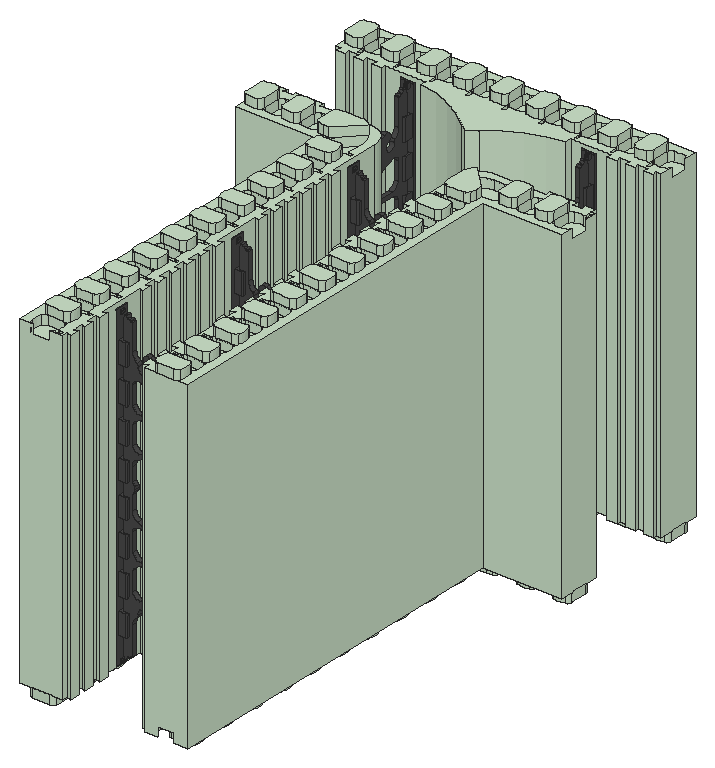
Revit family (continued)
Forms (in)
  Extrusion 47, void
    sketch origin (-1, 20, 0) x (-1, 0, 0) y (0, -1, 0)
      loop
        line (-3.64005, 25.7459) -> (-3.41845, 25.7459) -> (-3.41845, 25.91673) -> (-3.76455, 25.91673)
        arc (-3.76455, 25.91673) -> (-3.78736, 25.92104) -> (-3.80702, 25.93338) r 0.0625
        arc (-3.80702, 25.93338) -> (-3.88568, 25.98274) -> (-3.97692, 25.99998) r 0.25
        line (-3.97692, 25.99998) -> (-4.89808, 25.99998)
        arc (-4.89808, 25.99998) -> (-5.04517, 25.95213) -> (-5.13595, 25.8269) r 0.25
        arc (-5.13595, 25.8269) -> (-5.1875, 25.49998) -> (-5.13595, 25.17306) r 1.0625
    from 0 to 0.5
  Extrusion 48, void
    sketch origin (-0.99998, 2.00002, 0) x (0, -1, 0) y (1, 0, 0)
      loop
        arc (5.67323, 3.7017) -> (5.72385, 3.68769) -> (5.74592, 3.64003) r 0.0625
        line (5.74592, 3.64003) -> (5.74592, 3.41844) -> (5.91675, 3.41844) -> (5.91675, 3.76453)
        arc (5.91675, 3.76453) -> (5.92106, 3.78734) -> (5.9334, 3.807) r 0.0625
        arc (5.9334, 3.807) -> (5.98276, 3.88566) -> (6, 3.9769) r 0.25
        line (6, 3.9769) -> (6, 4.89806)
        arc (6, 4.89806) -> (5.95215, 5.04515) -> (5.82692, 5.13593) r 0.25
        arc (5.82692, 5.13593) -> (5.66548, 5.17452) -> (5.5, 5.18748) r 1.0625
        line (5.5, 5.18748) -> (5.1875, 5.18748) -> (3.98039, 3.98037)
        arc (3.98039, 3.98037) -> (4.30482, 3.7636) -> (4.6875, 3.68748) r 1
        line (4.6875, 3.68748) -> (5.5, 3.68748)
        arc (5.5, 3.68748) -> (5.58691, 3.69104) -> (5.67323, 3.7017) r 1.0625
    from 0 to 0.5
  Extrusion 49, void
    sketch origin (30.99998, 2.00002, 0) x (0, 1, 0) y (-1, 0, 0)
      loop
        arc (-5.13595, 25.17306) -> (-5.04517, 25.04783) -> (-4.89808, 24.99998) r 0.25
        line (-4.89808, 24.99998) -> (-3.97692, 24.99998)
        arc (-3.97692, 24.99998) -> (-3.82983, 25.04783) -> (-3.73905, 25.17306) r 0.25
        arc (-3.73905, 25.17306) -> (-3.69045, 25.4209) -> (-3.70172, 25.67321) r 1.0625
        arc (-3.70172, 25.67321) -> (-3.68771, 25.72383) -> (-3.64005, 25.7459) r 0.0625
        line (-3.64005, 25.7459) -> (-3.41845, 25.7459) -> (-3.41845, 25.91673) -> (-3.76455, 25.91673)
        arc (-3.76455, 25.91673) -> (-3.78736, 25.92104) -> (-3.80702, 25.93338) r 0.0625
        arc (-3.80702, 25.93338) -> (-3.88568, 25.98274) -> (-3.97692, 25.99998) r 0.25
        line (-3.97692, 25.99998) -> (-4.89808, 25.99998)
        arc (-4.89808, 25.99998) -> (-5.04517, 25.95213) -> (-5.13595, 25.8269) r 0.25
        arc (-5.13595, 25.8269) -> (-5.1875, 25.49998) -> (-5.13595, 25.17306) r 1.0625
    from 0 to 0.5
  Extrusion 50, void
    sketch origin (32.99998, 2.00002, 0) x (0, 1, 0) y (-1, 0, 0)
      loop
        arc (-5.13595, 25.17306) -> (-5.04517, 25.04783) -> (-4.89808, 24.99998) r 0.25
        line (-4.89808, 24.99998) -> (-3.97692, 24.99998)
        arc (-3.97692, 24.99998) -> (-3.82983, 25.04783) -> (-3.73905, 25.17306) r 0.25
        arc (-3.73905, 25.17306) -> (-3.69045, 25.4209) -> (-3.70172, 25.67321) r 1.0625
        arc (-3.70172, 25.67321) -> (-3.68771, 25.72383) -> (-3.64005, 25.7459) r 0.0625
        line (-3.64005, 25.7459) -> (-3.41845, 25.7459) -> (-3.41845, 25.91673) -> (-3.76455, 25.91673)
        arc (-3.76455, 25.91673) -> (-3.78736, 25.92104) -> (-3.80702, 25.93338) r 0.0625
        arc (-3.80702, 25.93338) -> (-3.88568, 25.98274) -> (-3.97692, 25.99998) r 0.25
        line (-3.97692, 25.99998) -> (-4.89808, 25.99998)
        arc (-4.89808, 25.99998) -> (-5.04517, 25.95213) -> (-5.13595, 25.8269) r 0.25
        arc (-5.13595, 25.8269) -> (-5.1875, 25.49998) -> (-5.13595, 25.17306) r 1.0625
    from 0 to 0.5
  Extrusion 51, void
    sketch origin (17.99998, -0.00002, 0) x (0, -1, 0) y (1, 0, 0)
      loop
        arc (-5.13595, -25.17306) -> (-5.1875, -25.49998) -> (-5.13595, -25.8269) r 1.0625
        arc (-5.13595, -25.8269) -> (-5.04517, -25.95213) -> (-4.89808, -25.99998) r 0.25
        line (-4.89808, -25.99998) -> (-3.97692, -25.99998)
        arc (-3.97692, -25.99998) -> (-3.88568, -25.98274) -> (-3.80702, -25.93338) r 0.25
        arc (-3.80702, -25.93338) -> (-3.78736, -25.92104) -> (-3.76455, -25.91673) r 0.0625
        line (-3.76455, -25.91673) -> (-3.41845, -25.91673) -> (-3.41845, -25.7459) -> (-3.64005, -25.7459)
        arc (-3.64005, -25.7459) -> (-3.68771, -25.72383) -> (-3.70172, -25.67321) r 0.0625
        arc (-3.70172, -25.67321) -> (-3.69045, -25.4209) -> (-3.73905, -25.17306) r 1.0625
        arc (-3.73905, -25.17306) -> (-3.82983, -25.04783) -> (-3.97692, -24.99998) r 0.25
        line (-3.97692, -24.99998) -> (-4.89808, -24.99998)
        arc (-4.89808, -24.99998) -> (-5.04517, -25.04783) -> (-5.13595, -25.17306) r 0.25
    from 18 to 17.5
  Extrusion 52, void
    sketch origin (19.99998, -0.00002, 0) x (0, -1, 0) y (1, 0, 0)
      loop
        arc (-5.13595, -25.17306) -> (-5.1875, -25.49998) -> (-5.13595, -25.8269) r 1.0625
        arc (-5.13595, -25.8269) -> (-5.04517, -25.95213) -> (-4.89808, -25.99998) r 0.25
        line (-4.89808, -25.99998) -> (-3.97692, -25.99998)
        arc (-3.97692, -25.99998) -> (-3.88568, -25.98274) -> (-3.80702, -25.93338) r 0.25
        arc (-3.80702, -25.93338) -> (-3.78736, -25.92104) -> (-3.76455, -25.91673) r 0.0625
        line (-3.76455, -25.91673) -> (-3.41845, -25.91673) -> (-3.41845, -25.7459) -> (-3.64005, -25.7459)
        arc (-3.64005, -25.7459) -> (-3.68771, -25.72383) -> (-3.70172, -25.67321) r 0.0625
        arc (-3.70172, -25.67321) -> (-3.69045, -25.4209) -> (-3.73905, -25.17306) r 1.0625
        arc (-3.73905, -25.17306) -> (-3.82983, -25.04783) -> (-3.97692, -24.99998) r 0.25
        line (-3.97692, -24.99998) -> (-4.89808, -24.99998)
        arc (-4.89808, -24.99998) -> (-5.04517, -25.04783) -> (-5.13595, -25.17306) r 0.25
    from 18 to 17.5
  Extrusion 53, void
    sketch origin (21.99998, -0.00002, 0) x (0, -1, 0) y (1, 0, 0)
      loop
        arc (-5.13595, -25.17306) -> (-5.1875, -25.49998) -> (-5.13595, -25.8269) r 1.0625
        arc (-5.13595, -25.8269) -> (-5.04517, -25.95213) -> (-4.89808, -25.99998) r 0.25
        line (-4.89808, -25.99998) -> (-3.97692, -25.99998)
        arc (-3.97692, -25.99998) -> (-3.88568, -25.98274) -> (-3.80702, -25.93338) r 0.25
        arc (-3.80702, -25.93338) -> (-3.78736, -25.92104) -> (-3.76455, -25.91673) r 0.0625
        line (-3.76455, -25.91673) -> (-3.41845, -25.91673) -> (-3.41845, -25.7459) -> (-3.64005, -25.7459)
        arc (-3.64005, -25.7459) -> (-3.68771, -25.72383) -> (-3.70172, -25.67321) r 0.0625
        arc (-3.70172, -25.67321) -> (-3.69045, -25.4209) -> (-3.73905, -25.17306) r 1.0625
        arc (-3.73905, -25.17306) -> (-3.82983, -25.04783) -> (-3.97692, -24.99998) r 0.25
        line (-3.97692, -24.99998) -> (-4.89808, -24.99998)
        arc (-4.89808, -24.99998) -> (-5.04517, -25.04783) -> (-5.13595, -25.17306) r 0.25
    from 18 to 17.5
  Extrusion 54, void
    sketch origin (23.99998, -0.00002, 0) x (0, -1, 0) y (1, 0, 0)
      loop
        arc (-5.13595, -25.17306) -> (-5.1875, -25.49998) -> (-5.13595, -25.8269) r 1.0625
        arc (-5.13595, -25.8269) -> (-5.04517, -25.95213) -> (-4.89808, -25.99998) r 0.25
        line (-4.89808, -25.99998) -> (-3.97692, -25.99998)
        arc (-3.97692, -25.99998) -> (-3.88568, -25.98274) -> (-3.80702, -25.93338) r 0.25
        arc (-3.80702, -25.93338) -> (-3.78736, -25.92104) -> (-3.76455, -25.91673) r 0.0625
        line (-3.76455, -25.91673) -> (-3.41845, -25.91673) -> (-3.41845, -25.7459) -> (-3.64005, -25.7459)
        arc (-3.64005, -25.7459) -> (-3.68771, -25.72383) -> (-3.70172, -25.67321) r 0.0625
        arc (-3.70172, -25.67321) -> (-3.69045, -25.4209) -> (-3.73905, -25.17306) r 1.0625
        arc (-3.73905, -25.17306) -> (-3.82983, -25.04783) -> (-3.97692, -24.99998) r 0.25
        line (-3.97692, -24.99998) -> (-4.89808, -24.99998)
        arc (-4.89808, -24.99998) -> (-5.04517, -25.04783) -> (-5.13595, -25.17306) r 0.25
    from 18 to 17.5
  Extrusion 55, void
    sketch origin (25.99998, -0.00002, 0) x (0, -1, 0) y (1, 0, 0)
      loop
        arc (-5.13595, -25.17306) -> (-5.1875, -25.49998) -> (-5.13595, -25.8269) r 1.0625
        arc (-5.13595, -25.8269) -> (-5.04517, -25.95213) -> (-4.89808, -25.99998) r 0.25
        line (-4.89808, -25.99998) -> (-3.97692, -25.99998)
        arc (-3.97692, -25.99998) -> (-3.88568, -25.98274) -> (-3.80702, -25.93338) r 0.25
        arc (-3.80702, -25.93338) -> (-3.78736, -25.92104) -> (-3.76455, -25.91673) r 0.0625
        line (-3.76455, -25.91673) -> (-3.41845, -25.91673) -> (-3.41845, -25.7459) -> (-3.64005, -25.7459)
        arc (-3.64005, -25.7459) -> (-3.68771, -25.72383) -> (-3.70172, -25.67321) r 0.0625
        arc (-3.70172, -25.67321) -> (-3.69045, -25.4209) -> (-3.73905, -25.17306) r 1.0625
        arc (-3.73905, -25.17306) -> (-3.82983, -25.04783) -> (-3.97692, -24.99998) r 0.25
        line (-3.97692, -24.99998) -> (-4.89808, -24.99998)
        arc (-4.89808, -24.99998) -> (-5.04517, -25.04783) -> (-5.13595, -25.17306) r 0.25
    from 18 to 17.5
  Extrusion 56, void
    sketch origin (27.99998, -0.00002, 0) x (0, -1, 0) y (1, 0, 0)
      loop
        arc (-5.13595, -25.17306) -> (-5.1875, -25.49998) -> (-5.13595, -25.8269) r 1.0625
        arc (-5.13595, -25.8269) -> (-5.04517, -25.95213) -> (-4.89808, -25.99998) r 0.25
        line (-4.89808, -25.99998) -> (-3.97692, -25.99998)
        arc (-3.97692, -25.99998) -> (-3.88568, -25.98274) -> (-3.80702, -25.93338) r 0.25
        arc (-3.80702, -25.93338) -> (-3.78736, -25.92104) -> (-3.76455, -25.91673) r 0.0625
        line (-3.76455, -25.91673) -> (-3.41845, -25.91673) -> (-3.41845, -25.7459) -> (-3.64005, -25.7459)
        arc (-3.64005, -25.7459) -> (-3.68771, -25.72383) -> (-3.70172, -25.67321) r 0.0625
        arc (-3.70172, -25.67321) -> (-3.69045, -25.4209) -> (-3.73905, -25.17306) r 1.0625
        arc (-3.73905, -25.17306) -> (-3.82983, -25.04783) -> (-3.97692, -24.99998) r 0.25
        line (-3.97692, -24.99998) -> (-4.89808, -24.99998)
        arc (-4.89808, -24.99998) -> (-5.04517, -25.04783) -> (-5.13595, -25.17306) r 0.25
    from 18 to 17.5
  Extrusion 57, void
    sketch origin (29.99998, -0.00002, 0) x (0, -1, 0) y (1, 0, 0)
      loop
        arc (-5.13595, -25.17306) -> (-5.1875, -25.49998) -> (-5.13595, -25.8269) r 1.0625
        arc (-5.13595, -25.8269) -> (-5.04517, -25.95213) -> (-4.89808, -25.99998) r 0.25
        line (-4.89808, -25.99998) -> (-3.97692, -25.99998)
        arc (-3.97692, -25.99998) -> (-3.88568, -25.98274) -> (-3.80702, -25.93338) r 0.25
        arc (-3.80702, -25.93338) -> (-3.78736, -25.92104) -> (-3.76455, -25.91673) r 0.0625
        line (-3.76455, -25.91673) -> (-3.41845, -25.91673) -> (-3.41845, -25.7459) -> (-3.64005, -25.7459)
        arc (-3.64005, -25.7459) -> (-3.68771, -25.72383) -> (-3.70172, -25.67321) r 0.0625
        arc (-3.70172, -25.67321) -> (-3.69045, -25.4209) -> (-3.73905, -25.17306) r 1.0625
        arc (-3.73905, -25.17306) -> (-3.82983, -25.04783) -> (-3.97692, -24.99998) r 0.25
        line (-3.97692, -24.99998) -> (-4.89808, -24.99998)
        arc (-4.89808, -24.99998) -> (-5.04517, -25.04783) -> (-5.13595, -25.17306) r 0.25
    from 18 to 17.5
  Extrusion 58, void
    sketch origin (31.99998, -0.00002, 0) x (0, -1, 0) y (1, 0, 0)
      loop
        arc (-5.13595, -25.17306) -> (-5.1875, -25.49998) -> (-5.13595, -25.8269) r 1.0625
        arc (-5.13595, -25.8269) -> (-5.04517, -25.95213) -> (-4.89808, -25.99998) r 0.25
        line (-4.89808, -25.99998) -> (-3.97692, -25.99998)
        arc (-3.97692, -25.99998) -> (-3.88568, -25.98274) -> (-3.80702, -25.93338) r 0.25
        arc (-3.80702, -25.93338) -> (-3.78736, -25.92104) -> (-3.76455, -25.91673) r 0.0625
        line (-3.76455, -25.91673) -> (-3.41845, -25.91673) -> (-3.41845, -25.7459) -> (-3.64005, -25.7459)
        arc (-3.64005, -25.7459) -> (-3.68771, -25.72383) -> (-3.70172, -25.67321) r 0.0625
        arc (-3.70172, -25.67321) -> (-3.69045, -25.4209) -> (-3.73905, -25.17306) r 1.0625
        arc (-3.73905, -25.17306) -> (-3.82983, -25.04783) -> (-3.97692, -24.99998) r 0.25
        line (-3.97692, -24.99998) -> (-4.89808, -24.99998)
        arc (-4.89808, -24.99998) -> (-5.04517, -25.04783) -> (-5.13595, -25.17306) r 0.25
    from 18 to 17.5
  Extrusion 59, void
    sketch origin (33.99998, -0.00002, 0) x (0, -1, 0) y (1, 0, 0)
      loop
        arc (-5.13595, -25.17306) -> (-5.1875, -25.49998) -> (-5.13595, -25.8269) r 1.0625
        arc (-5.13595, -25.8269) -> (-5.04517, -25.95213) -> (-4.89808, -25.99998) r 0.25
        line (-4.89808, -25.99998) -> (-3.97692, -25.99998)
        arc (-3.97692, -25.99998) -> (-3.88568, -25.98274) -> (-3.80702, -25.93338) r 0.25
        arc (-3.80702, -25.93338) -> (-3.78736, -25.92104) -> (-3.76455, -25.91673) r 0.0625
        line (-3.76455, -25.91673) -> (-3.41845, -25.91673) -> (-3.41845, -25.7459) -> (-3.64005, -25.7459)
        arc (-3.64005, -25.7459) -> (-3.68771, -25.72383) -> (-3.70172, -25.67321) r 0.0625
        arc (-3.70172, -25.67321) -> (-3.69045, -25.4209) -> (-3.73905, -25.17306) r 1.0625
        arc (-3.73905, -25.17306) -> (-3.82983, -25.04783) -> (-3.97692, -24.99998) r 0.25
        line (-3.97692, -24.99998) -> (-4.89808, -24.99998)
        arc (-4.89808, -24.99998) -> (-5.04517, -25.04783) -> (-5.13595, -25.17306) r 0.25
    from 18 to 17.5
  Extrusion 60, void
    sketch origin (-33.99998, -0.00002, 0) x (0, -1, 0) y (1, 0, 0)
      loop
        arc (-5.13595, 25.17306) -> (-5.04517, 25.04783) -> (-4.89808, 24.99998) r 0.25
        line (-4.89808, 24.99998) -> (-3.97692, 24.99998)
        arc (-3.97692, 24.99998) -> (-3.82983, 25.04783) -> (-3.73905, 25.17306) r 0.25
        arc (-3.73905, 25.17306) -> (-3.69045, 25.4209) -> (-3.70172, 25.67321) r 1.0625
        arc (-3.70172, 25.67321) -> (-3.68771, 25.72383) -> (-3.64005, 25.7459) r 0.0625
        line (-3.64005, 25.7459) -> (-3.41845, 25.7459) -> (-3.41845, 25.91673) -> (-3.76455, 25.91673)
        arc (-3.76455, 25.91673) -> (-3.78736, 25.92104) -> (-3.80702, 25.93338) r 0.0625
        arc (-3.80702, 25.93338) -> (-3.88568, 25.98274) -> (-3.97692, 25.99998) r 0.25
        line (-3.97692, 25.99998) -> (-4.89808, 25.99998)
        arc (-4.89808, 25.99998) -> (-5.04517, 25.95213) -> (-5.13595, 25.8269) r 0.25
        arc (-5.13595, 25.8269) -> (-5.1875, 25.49998) -> (-5.13595, 25.17306) r 1.0625
    from 0 to 0.5
  Extrusion 61, void
    sketch origin (-31.99998, -0.00002, 0) x (0, -1, 0) y (1, 0, 0)
      loop
        arc (-5.13595, 25.17306) -> (-5.04517, 25.04783) -> (-4.89808, 24.99998) r 0.25
        line (-4.89808, 24.99998) -> (-3.97692, 24.99998)
        arc (-3.97692, 24.99998) -> (-3.82983, 25.04783) -> (-3.73905, 25.17306) r 0.25
        arc (-3.73905, 25.17306) -> (-3.69045, 25.4209) -> (-3.70172, 25.67321) r 1.0625
        arc (-3.70172, 25.67321) -> (-3.68771, 25.72383) -> (-3.64005, 25.7459) r 0.0625
        line (-3.64005, 25.7459) -> (-3.41845, 25.7459) -> (-3.41845, 25.91673) -> (-3.76455, 25.91673)
        arc (-3.76455, 25.91673) -> (-3.78736, 25.92104) -> (-3.80702, 25.93338) r 0.0625
        arc (-3.80702, 25.93338) -> (-3.88568, 25.98274) -> (-3.97692, 25.99998) r 0.25
        line (-3.97692, 25.99998) -> (-4.89808, 25.99998)
        arc (-4.89808, 25.99998) -> (-5.04517, 25.95213) -> (-5.13595, 25.8269) r 0.25
        arc (-5.13595, 25.8269) -> (-5.1875, 25.49998) -> (-5.13595, 25.17306) r 1.0625
    from 0 to 0.5
  Extrusion 62, void
    sketch origin (-29.99998, -0.00002, 0) x (0, -1, 0) y (1, 0, 0)
      loop
        arc (-5.13595, 25.17306) -> (-5.04517, 25.04783) -> (-4.89808, 24.99998) r 0.25
        line (-4.89808, 24.99998) -> (-3.97692, 24.99998)
        arc (-3.97692, 24.99998) -> (-3.82983, 25.04783) -> (-3.73905, 25.17306) r 0.25
        arc (-3.73905, 25.17306) -> (-3.69045, 25.4209) -> (-3.70172, 25.67321) r 1.0625
        arc (-3.70172, 25.67321) -> (-3.68771, 25.72383) -> (-3.64005, 25.7459) r 0.0625
        line (-3.64005, 25.7459) -> (-3.41845, 25.7459) -> (-3.41845, 25.91673) -> (-3.76455, 25.91673)
        arc (-3.76455, 25.91673) -> (-3.78736, 25.92104) -> (-3.80702, 25.93338) r 0.0625
        arc (-3.80702, 25.93338) -> (-3.88568, 25.98274) -> (-3.97692, 25.99998) r 0.25
        line (-3.97692, 25.99998) -> (-4.89808, 25.99998)
        arc (-4.89808, 25.99998) -> (-5.04517, 25.95213) -> (-5.13595, 25.8269) r 0.25
        arc (-5.13595, 25.8269) -> (-5.1875, 25.49998) -> (-5.13595, 25.17306) r 1.0625
    from 0 to 0.5
  Extrusion 63, void
    sketch origin (-27.99998, -0.00002, 0) x (0, -1, 0) y (1, 0, 0)
      loop
        arc (-5.13595, 25.17306) -> (-5.04517, 25.04783) -> (-4.89808, 24.99998) r 0.25
        line (-4.89808, 24.99998) -> (-3.97692, 24.99998)
        arc (-3.97692, 24.99998) -> (-3.82983, 25.04783) -> (-3.73905, 25.17306) r 0.25
        arc (-3.73905, 25.17306) -> (-3.69045, 25.4209) -> (-3.70172, 25.67321) r 1.0625
        arc (-3.70172, 25.67321) -> (-3.68771, 25.72383) -> (-3.64005, 25.7459) r 0.0625
        line (-3.64005, 25.7459) -> (-3.41845, 25.7459) -> (-3.41845, 25.91673) -> (-3.76455, 25.91673)
        arc (-3.76455, 25.91673) -> (-3.78736, 25.92104) -> (-3.80702, 25.93338) r 0.0625
        arc (-3.80702, 25.93338) -> (-3.88568, 25.98274) -> (-3.97692, 25.99998) r 0.25
        line (-3.97692, 25.99998) -> (-4.89808, 25.99998)
        arc (-4.89808, 25.99998) -> (-5.04517, 25.95213) -> (-5.13595, 25.8269) r 0.25
        arc (-5.13595, 25.8269) -> (-5.1875, 25.49998) -> (-5.13595, 25.17306) r 1.0625
    from 0 to 0.5
  Extrusion 64, void
    sketch origin (-25.99998, -0.00002, 0) x (0, -1, 0) y (1, 0, 0)
      loop
        arc (-5.13595, 25.17306) -> (-5.04517, 25.04783) -> (-4.89808, 24.99998) r 0.25
        line (-4.89808, 24.99998) -> (-3.97692, 24.99998)
        arc (-3.97692, 24.99998) -> (-3.82983, 25.04783) -> (-3.73905, 25.17306) r 0.25
        arc (-3.73905, 25.17306) -> (-3.69045, 25.4209) -> (-3.70172, 25.67321) r 1.0625
        arc (-3.70172, 25.67321) -> (-3.68771, 25.72383) -> (-3.64005, 25.7459) r 0.0625
        line (-3.64005, 25.7459) -> (-3.41845, 25.7459) -> (-3.41845, 25.91673) -> (-3.76455, 25.91673)
        arc (-3.76455, 25.91673) -> (-3.78736, 25.92104) -> (-3.80702, 25.93338) r 0.0625
        arc (-3.80702, 25.93338) -> (-3.88568, 25.98274) -> (-3.97692, 25.99998) r 0.25
        line (-3.97692, 25.99998) -> (-4.89808, 25.99998)
        arc (-4.89808, 25.99998) -> (-5.04517, 25.95213) -> (-5.13595, 25.8269) r 0.25
        arc (-5.13595, 25.8269) -> (-5.1875, 25.49998) -> (-5.13595, 25.17306) r 1.0625
    from 0 to 0.5
  Extrusion 65, void
    sketch origin (-23.99998, -0.00002, 0) x (0, -1, 0) y (1, 0, 0)
      loop
        arc (-5.13595, 25.17306) -> (-5.04517, 25.04783) -> (-4.89808, 24.99998) r 0.25
        line (-4.89808, 24.99998) -> (-3.97692, 24.99998)
        arc (-3.97692, 24.99998) -> (-3.82983, 25.04783) -> (-3.73905, 25.17306) r 0.25
        arc (-3.73905, 25.17306) -> (-3.69045, 25.4209) -> (-3.70172, 25.67321) r 1.0625
        arc (-3.70172, 25.67321) -> (-3.68771, 25.72383) -> (-3.64005, 25.7459) r 0.0625
        line (-3.64005, 25.7459) -> (-3.41845, 25.7459) -> (-3.41845, 25.91673) -> (-3.76455, 25.91673)
        arc (-3.76455, 25.91673) -> (-3.78736, 25.92104) -> (-3.80702, 25.93338) r 0.0625
        arc (-3.80702, 25.93338) -> (-3.88568, 25.98274) -> (-3.97692, 25.99998) r 0.25
        line (-3.97692, 25.99998) -> (-4.89808, 25.99998)
        arc (-4.89808, 25.99998) -> (-5.04517, 25.95213) -> (-5.13595, 25.8269) r 0.25
        arc (-5.13595, 25.8269) -> (-5.1875, 25.49998) -> (-5.13595, 25.17306) r 1.0625
    from 0 to 0.5
  Extrusion 66, void
    sketch origin (-21.99998, -0.00002, 0) x (0, -1, 0) y (1, 0, 0)
      loop
        arc (-5.13595, 25.17306) -> (-5.04517, 25.04783) -> (-4.89808, 24.99998) r 0.25
        line (-4.89808, 24.99998) -> (-3.97692, 24.99998)
        arc (-3.97692, 24.99998) -> (-3.82983, 25.04783) -> (-3.73905, 25.17306) r 0.25
        arc (-3.73905, 25.17306) -> (-3.69045, 25.4209) -> (-3.70172, 25.67321) r 1.0625
        arc (-3.70172, 25.67321) -> (-3.68771, 25.72383) -> (-3.64005, 25.7459) r 0.0625
        line (-3.64005, 25.7459) -> (-3.41845, 25.7459) -> (-3.41845, 25.91673) -> (-3.76455, 25.91673)
        arc (-3.76455, 25.91673) -> (-3.78736, 25.92104) -> (-3.80702, 25.93338) r 0.0625
        arc (-3.80702, 25.93338) -> (-3.88568, 25.98274) -> (-3.97692, 25.99998) r 0.25
        line (-3.97692, 25.99998) -> (-4.89808, 25.99998)
        arc (-4.89808, 25.99998) -> (-5.04517, 25.95213) -> (-5.13595, 25.8269) r 0.25
        arc (-5.13595, 25.8269) -> (-5.1875, 25.49998) -> (-5.13595, 25.17306) r 1.0625
    from 0 to 0.5
  Extrusion 67, void
    sketch origin (-19.99998, -0.00002, 0) x (0, -1, 0) y (1, 0, 0)
      loop
        arc (-5.13595, 25.17306) -> (-5.04517, 25.04783) -> (-4.89808, 24.99998) r 0.25
        line (-4.89808, 24.99998) -> (-3.97692, 24.99998)
        arc (-3.97692, 24.99998) -> (-3.82983, 25.04783) -> (-3.73905, 25.17306) r 0.25
        arc (-3.73905, 25.17306) -> (-3.69045, 25.4209) -> (-3.70172, 25.67321) r 1.0625
        arc (-3.70172, 25.67321) -> (-3.68771, 25.72383) -> (-3.64005, 25.7459) r 0.0625
        line (-3.64005, 25.7459) -> (-3.41845, 25.7459) -> (-3.41845, 25.91673) -> (-3.76455, 25.91673)
        arc (-3.76455, 25.91673) -> (-3.78736, 25.92104) -> (-3.80702, 25.93338) r 0.0625
        arc (-3.80702, 25.93338) -> (-3.88568, 25.98274) -> (-3.97692, 25.99998) r 0.25
        line (-3.97692, 25.99998) -> (-4.89808, 25.99998)
        arc (-4.89808, 25.99998) -> (-5.04517, 25.95213) -> (-5.13595, 25.8269) r 0.25
        arc (-5.13595, 25.8269) -> (-5.1875, 25.49998) -> (-5.13595, 25.17306) r 1.0625
    from 0 to 0.5
  Extrusion 68, void
    sketch origin (-17.99998, -0.00002, 0) x (0, -1, 0) y (1, 0, 0)
      loop
        arc (-5.13595, 25.17306) -> (-5.04517, 25.04783) -> (-4.89808, 24.99998) r 0.25
        line (-4.89808, 24.99998) -> (-3.97692, 24.99998)
        arc (-3.97692, 24.99998) -> (-3.82983, 25.04783) -> (-3.73905, 25.17306) r 0.25
        arc (-3.73905, 25.17306) -> (-3.69045, 25.4209) -> (-3.70172, 25.67321) r 1.0625
        arc (-3.70172, 25.67321) -> (-3.68771, 25.72383) -> (-3.64005, 25.7459) r 0.0625
        line (-3.64005, 25.7459) -> (-3.41845, 25.7459) -> (-3.41845, 25.91673) -> (-3.76455, 25.91673)
        arc (-3.76455, 25.91673) -> (-3.78736, 25.92104) -> (-3.80702, 25.93338) r 0.0625
        arc (-3.80702, 25.93338) -> (-3.88568, 25.98274) -> (-3.97692, 25.99998) r 0.25
        line (-3.97692, 25.99998) -> (-4.89808, 25.99998)
        arc (-4.89808, 25.99998) -> (-5.04517, 25.95213) -> (-5.13595, 25.8269) r 0.25
        arc (-5.13595, 25.8269) -> (-5.1875, 25.49998) -> (-5.13595, 25.17306) r 1.0625
    from 0 to 0.5
  Extrusion 69, solid, material "NUDURA Expanded Polystyrene Foam Insulation"
    sketch origin (-1, 2, 0) x (1, 0, 0) y (0, 1, 0)
      loop
        arc (3.98039, -3.98037) -> (3.76362, -4.3048) -> (3.6875, -4.68748) r 1
        line (3.6875, -4.68748) -> (3.6875, -5.49998)
        arc (3.6875, -5.49998) -> (3.70047, -5.66546) -> (3.73905, -5.8269) r 1.0625
        arc (3.73905, -5.8269) -> (3.82983, -5.95213) -> (3.97692, -5.99998) r 0.25
        line (3.97692, -5.99998) -> (4.89808, -5.99998)
        arc (4.89808, -5.99998) -> (5.04517, -5.95213) -> (5.13595, -5.8269) r 0.25
        arc (5.13595, -5.8269) -> (5.17453, -5.66546) -> (5.1875, -5.49998) r 1.0625
        line (5.1875, -5.49998) -> (5.1875, -5.18748) -> (3.98039, -3.98037)
    from 18 to 18.5
  Extrusion 70, solid, material "NUDURA Expanded Polystyrene Foam Insulation"
    sketch origin (1, 2, 0) x (1, 0, 0) y (0, 1, 0)
      loop
        line (-4.6875, -3.68748) -> (-5.5, -3.68748)
        arc (-5.5, -3.68748) -> (-5.66548, -3.70045) -> (-5.82692, -3.73903) r 1.0625
        arc (-5.82692, -3.73903) -> (-5.95215, -3.82981) -> (-6, -3.9769) r 0.25
        line (-6, -3.9769) -> (-6, -4.89806)
        arc (-6, -4.89806) -> (-5.95215, -5.04515) -> (-5.82692, -5.13593) r 0.25
        arc (-5.82692, -5.13593) -> (-5.66548, -5.17452) -> (-5.5, -5.18748) r 1.0625
        line (-5.5, -5.18748) -> (-5.1875, -5.18748) -> (-3.98039, -3.98037)
        arc (-3.98039, -3.98037) -> (-4.30482, -3.7636) -> (-4.6875, -3.68748) r 1
    from 18 to 18.5
  Extrusion 71, solid, material "NUDURA Expanded Polystyrene Foam Insulation"
    sketch origin (1, 2, 0) x (1, 0, 0) y (0, 1, 0)
      loop
        line (-5.1875, -5.18748) -> (-5.1875, -5.49998)
        arc (-5.1875, -5.49998) -> (-5.17453, -5.66546) -> (-5.13595, -5.8269) r 1.0625
        arc (-5.13595, -5.8269) -> (-5.04517, -5.95213) -> (-4.89808, -5.99998) r 0.25
        line (-4.89808, -5.99998) -> (-3.97692, -5.99998)
        arc (-3.97692, -5.99998) -> (-3.82983, -5.95213) -> (-3.73905, -5.8269) r 0.25
        arc (-3.73905, -5.8269) -> (-3.70047, -5.66546) -> (-3.6875, -5.49998) r 1.0625
        line (-3.6875, -5.49998) -> (-3.6875, -4.68748)
        arc (-3.6875, -4.68748) -> (-3.76362, -4.3048) -> (-3.98039, -3.98037) r 1
        line (-3.98039, -3.98037) -> (-5.1875, -5.18748)
    from 0 to -0.5
  Extrusion 72, solid, material "NUDURA Expanded Polystyrene Foam Insulation"
    sketch origin (-1, 2, 0) x (1, 0, 0) y (0, 1, 0)
      loop
        arc (6, -3.9769) -> (5.95215, -3.82981) -> (5.82692, -3.73903) r 0.25
        arc (5.82692, -3.73903) -> (5.66548, -3.70045) -> (5.5, -3.68748) r 1.0625
        line (5.5, -3.68748) -> (4.6875, -3.68748)
        arc (4.6875, -3.68748) -> (4.30482, -3.7636) -> (3.98039, -3.98037) r 1
        line (3.98039, -3.98037) -> (5.1875, -5.18748) -> (5.5, -5.18748)
        arc (5.5, -5.18748) -> (5.66548, -5.17452) -> (5.82692, -5.13593) r 1.0625
        arc (5.82692, -5.13593) -> (5.95215, -5.04515) -> (6, -4.89806) r 0.25
        line (6, -4.89806) -> (6, -3.9769)
    from 0 to -0.5
  Extrusion 73, void
    sketch origin (-16.99998, 2.00002, 0) x (0, 1, 0) y (-1, 0, 0)
      loop
        arc (-5.13595, -25.17306) -> (-5.1875, -25.49998) -> (-5.13595, -25.8269) r 1.0625
        arc (-5.13595, -25.8269) -> (-5.04517, -25.95213) -> (-4.89808, -25.99998) r 0.25
        line (-4.89808, -25.99998) -> (-3.97692, -25.99998)
        arc (-3.97692, -25.99998) -> (-3.88568, -25.98274) -> (-3.80702, -25.93338) r 0.25
        arc (-3.80702, -25.93338) -> (-3.78736, -25.92104) -> (-3.76455, -25.91673) r 0.0625
        line (-3.76455, -25.91673) -> (-3.41845, -25.91673) -> (-3.41845, -25.7459) -> (-3.64005, -25.7459)
        arc (-3.64005, -25.7459) -> (-3.68771, -25.72383) -> (-3.70172, -25.67321) r 0.0625
        arc (-3.70172, -25.67321) -> (-3.69045, -25.4209) -> (-3.73905, -25.17306) r 1.0625
        arc (-3.73905, -25.17306) -> (-3.82983, -25.04783) -> (-3.97692, -24.99998) r 0.25
        line (-3.97692, -24.99998) -> (-4.89808, -24.99998)
        arc (-4.89808, -24.99998) -> (-5.04517, -25.04783) -> (-5.13595, -25.17306) r 0.25
    from 18 to 17.5
  Extrusion 74, void
    sketch origin (1, 2, 0) x (1, 0, 0) y (0, 1, 0)
      loop
        arc (-5.13595, -25.17308) -> (-5.1875, -25.5) -> (-5.13595, -25.82692) r 1.0625
        arc (-5.13595, -25.82692) -> (-5.04517, -25.95215) -> (-4.89808, -26) r 0.25
        line (-4.89808, -26) -> (-3.97692, -26)
        arc (-3.97692, -26) -> (-3.88568, -25.98276) -> (-3.80702, -25.9334) r 0.25
        arc (-3.80702, -25.9334) -> (-3.78736, -25.92106) -> (-3.76455, -25.91675) r 0.0625
        line (-3.76455, -25.91675) -> (-3.41845, -25.91675) -> (-3.41845, -25.74592) -> (-3.64005, -25.74592)
        arc (-3.64005, -25.74592) -> (-3.68771, -25.72385) -> (-3.70172, -25.67323) r 0.0625
        arc (-3.70172, -25.67323) -> (-3.69045, -25.42092) -> (-3.73905, -25.17308) r 1.0625
        arc (-3.73905, -25.17308) -> (-3.82983, -25.04785) -> (-3.97692, -25) r 0.25
        line (-3.97692, -25) -> (-4.89808, -25)
        arc (-4.89808, -25) -> (-5.04517, -25.04785) -> (-5.13595, -25.17308) r 0.25
    from 18 to 17.5
  Extrusion 75, void
    sketch origin (-1, 2, 0) x (-1, 0, 0) y (0, -1, 0)
      loop
        arc (-5.13595, 25.17308) -> (-5.04517, 25.04785) -> (-4.89808, 25) r 0.25
        line (-4.89808, 25) -> (-3.97692, 25)
        arc (-3.97692, 25) -> (-3.82983, 25.04785) -> (-3.73905, 25.17308) r 0.25
        arc (-3.73905, 25.17308) -> (-3.69045, 25.42092) -> (-3.70172, 25.67323) r 1.0625
        arc (-3.70172, 25.67323) -> (-3.68771, 25.72385) -> (-3.64005, 25.74592) r 0.0625
        line (-3.64005, 25.74592) -> (-3.41845, 25.74592) -> (-3.41845, 25.91675) -> (-3.76455, 25.91675)
        arc (-3.76455, 25.91675) -> (-3.78736, 25.92106) -> (-3.80702, 25.9334) r 0.0625
        arc (-3.80702, 25.9334) -> (-3.88568, 25.98276) -> (-3.97692, 26) r 0.25
        line (-3.97692, 26) -> (-4.89808, 26)
        arc (-4.89808, 26) -> (-5.04517, 25.95215) -> (-5.13595, 25.82692) r 0.25
        arc (-5.13595, 25.82692) -> (-5.1875, 25.5) -> (-5.13595, 25.17308) r 1.0625
    from 0 to 0.5
Cuts and joins
  Extrusion 2, Extrusion 3, Extrusion 4, Extrusion 5, Extrusion 6, Extrusion 7, Extrusion 8, Extrusion 9, Extrusion 10, Extrusion 11, Extrusion 12, Extrusion 13, Extrusion 14, Extrusion 15, Extrusion 16, Extrusion 17, Extrusion 18, Extrusion 19, Extrusion 20, Extrusion 21, Extrusion 22, Extrusion 23, Extrusion 24, Extrusion 25, Extrusion 26, Extrusion 27, Extrusion 28, Extrusion 29, Extrusion 30, Extrusion 31, Extrusion 32, Extrusion 33, Extrusion 34, Extrusion 35, Extrusion 36, Extrusion 37, Extrusion 38, Extrusion 39, Extrusion 40, Extrusion 41, Extrusion 42, Extrusion 43, Extrusion 44, Extrusion 45, Extrusion 46, Extrusion 47, Extrusion 48, Extrusion 49, Extrusion 50, Extrusion 51, Extrusion 52, Extrusion 53, Extrusion 54, Extrusion 55, Extrusion 56, Extrusion 57, Extrusion 58, Extrusion 59, Extrusion 60, Extrusion 61, Extrusion 62, Extrusion 63, Extrusion 64, Extrusion 65, Extrusion 66, Extrusion 67, Extrusion 68, Extrusion 73, Extrusion 74, Extrusion 75 cuts Extrusion 1
Lines and regions (in)
  model lines
    curve 1: line (-1, 5.62502, 18) -> (-1, 5.62502, 0)
    curve 2: line (-4.625, -15.99998, 0) -> (-4.625, -15.99998, 18)
Dimensions and locks (in)
  locked: plane 8 to level at 18  (x2)
  plane 5 to plane 4 = 0' - 4"
  plane 7 to plane 6 = 0' - 4"
  aligned and locked: plane 8 to Extrusion 1
  aligned and locked: Extrusion 1 to level
  aligned and locked: Extrusion 1 to plane 8
  aligned and locked: plane 2 to level
  aligned: cut or joined group 1 (Extrusion 1, Extrusion 2, Extrusion 3, Extrusion 4, Extrusion 5, Extrusion 6, Extrusion 7, Extrusion 8, Extrusion 9, Extrusion 10, Extrusion 11, Extrusion 12, Extrusion 13, Extrusion 14, Extrusion 15, Extrusion 16, Extrusion 17, Extrusion 18, Extrusion 19, Extrusion 20, Extrusion 21, Extrusion 22, Extrusion 23, Extrusion 24, Extrusion 25, Extrusion 26, Extrusion 27, Extrusion 28, Extrusion 29, Extrusion 30, Extrusion 31, Extrusion 32, Extrusion 33, Extrusion 34, Extrusion 35, Extrusion 36, Extrusion 37, Extrusion 38, Extrusion 39, Extrusion 40, Extrusion 41, Extrusion 42, Extrusion 43, Extrusion 44, Extrusion 45, Extrusion 46, Extrusion 47, Extrusion 48, Extrusion 49, Extrusion 50, Extrusion 51, Extrusion 52, Extrusion 53, Extrusion 54, Extrusion 55, Extrusion 56, Extrusion 57, Extrusion 58, Extrusion 59, Extrusion 60, Extrusion 61, Extrusion 62, Extrusion 63, Extrusion 64, Extrusion 65, Extrusion 66, Extrusion 67, Extrusion 68, Extrusion 73, Extrusion 74, Extrusion 75) to nested 70
  aligned: nested 69 to cut or joined group 1  (x2)
  aligned: cut or joined group 1 to nested 67
  aligned: cut or joined group 1 to nested 71
  aligned: nested 73 to cut or joined group 1
  aligned: cut or joined group 1 to nested 74
  aligned: nested 75 to cut or joined group 1
  aligned: cut or joined group 1 to nested 76
  aligned and locked: nested 70 to nested 67
  aligned and locked: nested 71 to nested 70
  aligned and locked: nested 79 to cut or joined group 1
  aligned and locked: nested 77 to cut or joined group 1
  aligned and locked: cut or joined group 1 to nested 78
Nested families (in)
  nested 1: "Interlock Tooth" at (-1, -23.99998, 0) x (0, 1, 0) z (0, 0, 1), type "Interlock Tooth"
  nested 2: "Interlock Tooth" at (-1, -21.99998, 0) x (0, 1, 0) z (0, 0, 1), type "Interlock Tooth"
  nested 3: "Interlock Tooth" at (-1, -19.99998, 0) x (0, 1, 0) z (0, 0, 1), type "Interlock Tooth"
  nested 4: "Interlock Tooth" at (-1, -17.99998, 0) x (0, 1, 0) z (0, 0, 1), type "Interlock Tooth"
  nested 5: "Interlock Tooth" at (-1, -15.99998, 0) x (0, 1, 0) z (0, 0, 1), type "Interlock Tooth"
  nested 6: "Interlock Tooth" at (-1, -13.99998, 0) x (0, 1, 0) z (0, 0, 1), type "Interlock Tooth"
  nested 7: "Interlock Tooth" at (-1, -11.99998, 0) x (0, 1, 0) z (0, 0, 1), type "Interlock Tooth"
  nested 8: "Interlock Tooth" at (-1, -9.99998, 0) x (0, 1, 0) z (0, 0, 1), type "Interlock Tooth"
  nested 9: "Interlock Tooth" at (-1, -7.99998, 0) x (0, 1, 0) z (0, 0, 1), type "Interlock Tooth"
  nested 10: "Interlock Tooth" at (-1, -5.99998, 0) x (0, 1, 0) z (0, 0, 1), type "Interlock Tooth"
  nested 11: "Interlock Tooth" at (1, -22.99998, 0) x (0, 1, 0) z (0, 0, 1), type "Interlock Tooth"
  nested 12: "Interlock Tooth" at (1, -20.99998, 0) x (0, 1, 0) z (0, 0, 1), type "Interlock Tooth"
  nested 13: "Interlock Tooth" at (1, -18.99998, 0) x (0, 1, 0) z (0, 0, 1), type "Interlock Tooth"
  nested 14: "Interlock Tooth" at (1, -16.99998, 0) x (0, 1, 0) z (0, 0, 1), type "Interlock Tooth"
  nested 15: "Interlock Tooth" at (1, -14.99998, 0) x (0, 1, 0) z (0, 0, 1), type "Interlock Tooth"
  nested 16: "Interlock Tooth" at (1, -12.99998, 0) x (0, 1, 0) z (0, 0, 1), type "Interlock Tooth"
  nested 17: "Interlock Tooth" at (1, -10.99998, 0) x (0, 1, 0) z (0, 0, 1), type "Interlock Tooth"
  nested 18: "Interlock Tooth" at (1, -8.99998, 0) x (0, 1, 0) z (0, 0, 1), type "Interlock Tooth"
  nested 19: "Interlock Tooth" at (1, -6.99998, 0) x (0, 1, 0) z (0, 0, 1), type "Interlock Tooth"
  nested 20: "Interlock Tooth" at (1, -4.99998, 0) x (0, 1, 0) z (0, 0, 1), type "Interlock Tooth"
  nested 21: "Interlock Tooth" at (-9, 2.00002, 0), type "Interlock Tooth"
  nested 22: "Interlock Tooth" at (-7, 2.00002, 0), type "Interlock Tooth"
  nested 23: "Interlock Tooth" at (5, 2.00002, 0), type "Interlock Tooth"
  nested 24: "Interlock Tooth" at (7, 2.00002, 0), type "Interlock Tooth"
  nested 25: "Interlock Tooth" at (-8, 2.00002, -18.5), type "Interlock Tooth"
  nested 26: "Interlock Tooth" at (-6, 2.00002, -18.5), type "Interlock Tooth"
  nested 27: "Interlock Tooth" at (8, 2.00002, -18.5), type "Interlock Tooth"
  nested 28: "Interlock Tooth" at (6, 2.00002, -18.5), type "Interlock Tooth"
  nested 29: "Interlock Tooth" at (1, -22.99998, -18.5) x (0, -1, 0) z (0, 0, 1), type "Interlock Tooth"
  nested 30: "Interlock Tooth" at (1, -20.99998, -18.5) x (0, -1, 0) z (0, 0, 1), type "Interlock Tooth"
  nested 31: "Interlock Tooth" at (1, -18.99998, -18.5) x (0, -1, 0) z (0, 0, 1), type "Interlock Tooth"
  nested 32: "Interlock Tooth" at (1, -16.99998, -18.5) x (0, -1, 0) z (0, 0, 1), type "Interlock Tooth"
  nested 33: "Interlock Tooth" at (1, -14.99998, -18.5) x (0, -1, 0) z (0, 0, 1), type "Interlock Tooth"
  nested 34: "Interlock Tooth" at (1, -12.99998, -18.5) x (0, -1, 0) z (0, 0, 1), type "Interlock Tooth"
  nested 35: "Interlock Tooth" at (1, -10.99998, -18.5) x (0, -1, 0) z (0, 0, 1), type "Interlock Tooth"
  nested 36: "Interlock Tooth" at (1, -8.99998, -18.5) x (0, -1, 0) z (0, 0, 1), type "Interlock Tooth"
  nested 37: "Interlock Tooth" at (1, -6.99998, -18.5) x (0, -1, 0) z (0, 0, 1), type "Interlock Tooth"
  nested 38: "Interlock Tooth" at (1, -4.99998, -18.5) x (0, -1, 0) z (0, 0, 1), type "Interlock Tooth"
  nested 39: "Interlock Tooth" at (-1, -22.99998, -18.5) x (0, 1, 0) z (0, 0, 1), type "Interlock Tooth"
  nested 40: "Interlock Tooth" at (-1, -20.99998, -18.5) x (0, 1, 0) z (0, 0, 1), type "Interlock Tooth"
  nested 41: "Interlock Tooth" at (-1, -18.99998, -18.5) x (0, 1, 0) z (0, 0, 1), type "Interlock Tooth"
  nested 42: "Interlock Tooth" at (-1, -16.99998, -18.5) x (0, 1, 0) z (0, 0, 1), type "Interlock Tooth"
  nested 43: "Interlock Tooth" at (-1, -14.99998, -18.5) x (0, 1, 0) z (0, 0, 1), type "Interlock Tooth"
  nested 44: "Interlock Tooth" at (-1, -12.99998, -18.5) x (0, 1, 0) z (0, 0, 1), type "Interlock Tooth"
  nested 45: "Interlock Tooth" at (-1, -10.99998, -18.5) x (0, 1, 0) z (0, 0, 1), type "Interlock Tooth"
  nested 46: "Interlock Tooth" at (-1, -8.99998, -18.5) x (0, 1, 0) z (0, 0, 1), type "Interlock Tooth"
  nested 47: "Interlock Tooth" at (-1, -6.99998, -18.5) x (0, 1, 0) z (0, 0, 1), type "Interlock Tooth"
  nested 48: "Interlock Tooth" at (-1, -4.99998, -18.5) x (0, 1, 0) z (0, 0, 1), type "Interlock Tooth"
  nested 49: "Interlock Tooth" at (-8, -0.00002, 0) x (-1, 0, 0) z (0, 0, 1), type "Interlock Tooth"
  nested 50: "Interlock Tooth" at (-6, -0.00002, 0) x (-1, 0, 0) z (0, 0, 1), type "Interlock Tooth"
  nested 51: "Interlock Tooth" at (-7, -0.00002, -18.5) x (-1, 0, 0) z (0, 0, 1), type "Interlock Tooth"
  nested 52: "Interlock Tooth" at (-4, -0.00002, 0) x (-1, 0, 0) z (0, 0, 1), type "Interlock Tooth"
  nested 53: "Interlock Tooth" at (-5, -0.00002, -18.5) x (-1, 0, 0) z (0, 0, 1), type "Interlock Tooth"
  nested 54: "Interlock Tooth" at (-2, -0.00002, 0) x (-1, 0, 0) z (0, 0, 1), type "Interlock Tooth"
  nested 55: "Interlock Tooth" at (-3, -0.00002, -18.5) x (-1, 0, 0) z (0, 0, 1), type "Interlock Tooth"
  nested 56: "Interlock Tooth" at (0, -0.00002, 0) x (-1, 0, 0) z (0, 0, 1), type "Interlock Tooth"
  nested 57: "Interlock Tooth" at (-1, -0.00002, -18.5) x (-1, 0, 0) z (0, 0, 1), type "Interlock Tooth"
  nested 58: "Interlock Tooth" at (2, -0.00002, 0) x (-1, 0, 0) z (0, 0, 1), type "Interlock Tooth"
  nested 59: "Interlock Tooth" at (1, -0.00002, -18.5) x (-1, 0, 0) z (0, 0, 1), type "Interlock Tooth"
  nested 60: "Interlock Tooth" at (4, -0.00002, 0) x (-1, 0, 0) z (0, 0, 1), type "Interlock Tooth"
  nested 61: "Interlock Tooth" at (3, -0.00002, -18.5) x (-1, 0, 0) z (0, 0, 1), type "Interlock Tooth"
  nested 62: "Interlock Tooth" at (6, -0.00002, 0) x (-1, 0, 0) z (0, 0, 1), type "Interlock Tooth"
  nested 63: "Interlock Tooth" at (5, -0.00002, -18.5) x (-1, 0, 0) z (0, 0, 1), type "Interlock Tooth"
  nested 64: "Interlock Tooth" at (8, -0.00002, 0) x (-1, 0, 0) z (0, 0, 1), type "Interlock Tooth"
  nested 65: "Interlock Tooth" at (7, -0.00002, -18.5) x (-1, 0, 0) z (0, 0, 1), type "Interlock Tooth"
  nested 66: "Interlock Tooth" at (9, -0.00002, -18.5) x (-1, 0, 0) z (0, 0, 1), type "Interlock Tooth"
  nested 67: "NUDURA Diamond Pattern" at (-10.25, -15.99998, 0) x (0, 1, 0) z (0, 0, 1), type "NUDURA Diamond Pattern"
  nested 68: "NUDURA Diamond Pattern" at (10.25, -15.99998, 0) x (0, 1, 0) z (0, 0, 1), type "NUDURA Diamond Pattern"
  nested 69: "NUDURA Logo Diamond" at (4.625, -31.99742, 0) x (0, 1, 0) z (0, 0, 1), type "NUDURA Logo Diamond"
  nested 70: "NUDURA Logo Diamond" at (-4.625, -8.00254, 0) x (0, -1, 0) z (0, 0, 1), type "NUDURA Logo Diamond"
  nested 71: "NUDURA Diamond Pattern Missing Two Lines" at (-10.25, -7.99998, 0) x (0, 1, 0) z (0, 0, 1), type "NUDURA Diamond Pattern minus Two lines"
  nested 72: "NUDURA Diamond Pattern Missing Two Lines" at (-9, 2, 0), type "NUDURA Diamond Pattern minus Two lines"
  nested 73: "NUDURA Diamond Pattern Missing Two Lines" at (-1, -7.99998, 0) x (0, 1, 0) z (0, 0, 1), type "NUDURA Diamond Pattern minus Two lines"
  nested 74: "NUDURA Diamond Pattern Missing Two Lines" at (9, -9.24998, 0) x (-1, 0, 0) z (0, 0, 1), type "NUDURA Diamond Pattern minus Two lines"
  nested 75: "NUDURA Logo Diamond" at (16.99744, 5.625, 0) x (-1, 0, 0) z (0, 0, 1), type "NUDURA Logo Diamond"
  nested 76: "NUDURA Logo Diamond" at (6.99744, 5.625, 0) x (-1, 0, 0) z (0, 0, 1), type "NUDURA Logo Diamond"
  nested 77: "4-inch Insert Web" at (-5, 1, 0), type "4-inch Insert Web"
  nested 78: "4-inch Insert Web" at (5, 1, 0), type "4-inch Insert Web"
  nested 79: "4-inch Insert Web" at (0, -19.99998, 0) x (0, 1, 0) z (0, 0, 1), type "4-inch Insert Web"
  nested 80: "4-inch Insert Web" at (0, -11.99998, 0) x (0, 1, 0) z (0, 0, 1), type "4-inch Insert Web"
  nested 81: "4-inch Insert Web" at (0, -3.99998, 0) x (0, 1, 0) z (0, 0, 1), type "4-inch Insert Web"
Definition of nested family "Interlock Tooth"
  Reference planes (in)
    plane 1 "Center (Front/Back)": y = 0
    plane 2: z = 0
    plane 3 "Center (Left/Right)": x = 0
    plane 4: z = 18
    plane 5: z = 18.5
    plane 6: z = -0.5
  Forms (in)
    Extrusion 1, solid, material "NUDURA Expanded Polystyrene Foam Insulation"
      sketch origin (0, -8.875, 0) x (1, 0, 0) y (0, 1, 0)
        loop
          arc (0, 3.97692) -> (0.04785, 3.82983) -> (0.17308, 3.73905) r 0.25
          arc (0.17308, 3.73905) -> (0.5, 3.6875) -> (0.82692, 3.73905) r 1.0625
          arc (0.82692, 3.73905) -> (0.95215, 3.82983) -> (1, 3.97692) r 0.25
          line (1, 3.97692) -> (1, 4.89808)
          arc (1, 4.89808) -> (0.95215, 5.04517) -> (0.82692, 5.13595) r 0.25
          arc (0.82692, 5.13595) -> (0.5, 5.1875) -> (0.17308, 5.13595) r 1.0625
          arc (0.17308, 5.13595) -> (0.04785, 5.04517) -> (0, 4.89808) r 0.25
          line (0, 4.89808) -> (0, 3.97692)
      from 18 to 18.5
  Dimensions and locks (in)
    locked: plane 4 to level at 18
    locked: plane 4 to plane 5 at 0.5
    locked: plane 6 to level at 0.5
Definition of nested family "4-inch Insert Web"
  Reference planes (in)
    plane 1 "Center (Front/Back)": y = 0
    plane 2: z = 0
    plane 3 "Center (Left/Right)": x = 0
  Forms (in)
    Extrusion 1, solid, material "High Density Polystyrene"
      sketch origin (0, 0, 0) x (0, 1, 0) y (0, 0, 1)
        loop
          line (2.25, 0) -> (2.25, 17.74583)
          arc (2.25, 17.74583) -> (2.22112, 17.72608) -> (2.21, 17.69292) r 0.055
          line (2.21, 17.69292) -> (2.21, 0.05292)
          arc (2.21, 0.05292) -> (2.22112, 0.01975) -> (2.25, 0) r 0.055
        loop
          arc (-2.25, 0) -> (-2.22112, 0.01975) -> (-2.21, 0.05292) r 0.055
          line (-2.21, 0.05292) -> (-2.21, 17.69292)
          arc (-2.21, 17.69292) -> (-2.22112, 17.72608) -> (-2.25, 17.74583) r 0.055
          line (-2.25, 17.74583) -> (-2.25, 0)
      from 0.36328 to -0.36328
    Extrusion 2, solid, material "High Density Polystyrene"
      sketch origin (0, 0, 0) x (0, 1, 0) y (0, 0, 1)
        loop
          arc (2.18889, 17.40785) -> (2.20374, 17.40241) -> (2.21, 17.38789) r 0.02
          line (2.21, 17.38789) -> (2.21, 17.63668)
          arc (2.21, 17.63668) -> (2.20585, 17.62147) -> (2.19457, 17.61045) r 0.03
          line (2.19457, 17.61045) -> (2.12543, 17.57204)
          arc (2.12543, 17.57204) -> (2.11414, 17.56103) -> (2.11, 17.54582) r 0.03
          line (2.11, 17.54582) -> (2.11, 17.42461)
          arc (2.11, 17.42461) -> (2.11625, 17.41008) -> (2.13111, 17.40464) r 0.02
          line (2.13111, 17.40464) -> (2.18889, 17.40785)
        loop
          line (-2.12543, 17.57204) -> (-2.19457, 17.61045)
          arc (-2.19457, 17.61045) -> (-2.20585, 17.62147) -> (-2.21, 17.63668) r 0.03
          line (-2.21, 17.63668) -> (-2.21, 17.38789)
          arc (-2.21, 17.38789) -> (-2.20374, 17.40241) -> (-2.18889, 17.40785) r 0.02
          line (-2.18889, 17.40785) -> (-2.13111, 17.40464)
          arc (-2.13111, 17.40464) -> (-2.11625, 17.41008) -> (-2.11, 17.42461) r 0.02
